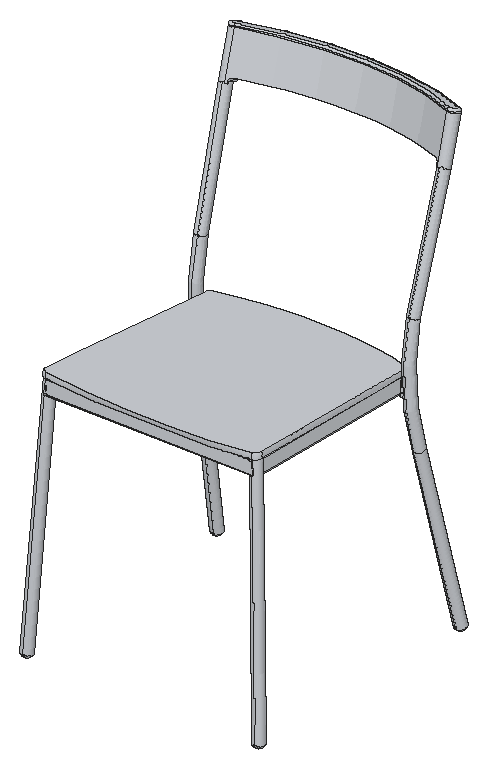
Revit family "Division_Twelve-Twigz-Cafe_Chair-", category Furniture, Revit 2020
Family settings
  OmniClass Number = 23.40.20.00
  OmniClass Title = General Furniture and Specialties
  Work Plane-Based = No
  Always vertical = Yes
  Cut with Voids When Loaded = No
  Shared = No
  Room Calculation Point = No
Parameters (values of type "115101A")
  Width = 17 21/32"
  URL = "https://division12.com/"
  Type Comments = "Twigz"  # constant formula
  Seat Finish [instance] = none
  S-2 = no
  S-1 = yes
  Support Finish [instance] = none
  Salvage or Reuse = yes
  S-3 = no
  Revit Model Built By = "https://servex-us.com/servex-revit/"
  Product Documentation Link = "https://division12.com/collection/twigz"
  Percentage of Recycled Content = 0
  Model = "115101A"
  Manufacturer = "Division Twelve"  # constant formula
  Low Emitting Material = yes
  Low Emitting Finish = yes
  Keynote = "12500"
  Height = 32"
  Glide Finish [instance] = none
  Back Finish [instance] = none
  Description = "Café chair with white oak seat"
  Depth = 19 1/2"
  Default Elevation = 0"
  Copyright = "© 2023 Division Twelve"  # constant formula
  Frame Finish [instance] = none
  Authoring Version = "Autodesk Revit 2020"  # constant formula
  Assembly Code = "E2020200"
Types (5): name | S-2 | S-1 | S-3 | Model | Description
  (no name) | no | yes | no | "115101A" | "Café chair with white oak seat"
  115101A | no | yes | no | "115101A" | "Café chair with white oak seat"
  115101B | yes | no | no | "115101B" | "Café chair with upholstered seat"
  115101C | no | no | yes | "115101C" | "Café chair with steel seat"
  115101F | no | yes | no | "115101F" | "Café chair with stained oak seat"
Reference planes (in)
  plane 1 "Center (Front/Back)": y = 0
  plane 2: z = 0
  plane 3 "Center (Left/Right)": x = 0
  plane 4: y = 9.7532
  plane 5: y = -9.7468
  plane 6: x = -8.82175
  plane 7: x = 8.82175
  plane 8: z = 32
Forms (in)
  Sweep 1, solid, material <- "Frame Finish"
    path origin (-7.06304, 2.29273, 28.79981) x (0.027945, 0.004927, 0.999597) y (0.173648, -0.984808, 0)
      loop
        arc (-28.49237, -5.8428) -> (-22.49654, -4.68176) -> (-16.58953, -3.13086) r 93.28003
        arc (-16.58953, -3.13086) -> (-12.61268, -2.50091) -> (-8.60957, -2.93373) r 15.25
        arc (-8.60957, -2.93373) -> (-4.40042, -4.0593) -> (-0.24274, -5.3622) r 102.80796
    profile origin (-8.50469, 6.79251, 6.31233) x (0.163101, -0.961295, -0.222058) y (0.984411, 0.173578, -0.028376)
      loop
        circle (0.375, 0.37294) r 0.375
  Sweep 2, solid, material <- "Frame Finish"
    path origin (7.06304, 2.29273, 28.79981) x (-0.027945, 0.004927, 0.999597) y (0.173648, 0.984808, 0)
      loop
        arc (-28.49237, 5.8428) -> (-22.49654, 4.68176) -> (-16.58953, 3.13086) r 93.28003
        arc (-16.58953, 3.13086) -> (-12.61268, 2.50091) -> (-8.60957, 2.93373) r 15.25
        arc (-8.60957, 2.93373) -> (-4.40042, 4.0593) -> (-0.24274, 5.3622) r 102.80796
    profile origin (8.50469, 6.79251, 6.31233) x (0.163101, 0.961295, 0.222058) y (-0.984411, 0.173578, -0.028376)
      loop
        circle (-0.375, 0.37294) r 0.375
  Revolve 3, solid, material <- "Frame Finish"
    sketch origin (-7.14436, -60, 17.26659) x (0.052125, 0, 0.998641) y (0, -1, 0)
      loop
        line (-17.0519, -50.63102) -> (0.06691, -51.52818) -> (0.08653, -51.15369) -> (-17.03227, -50.25653) -> (-17.0519, -50.63102)
      axis (-17.0519, -50.63102) -> (0.06691, -51.52818)
    angle from 0 to 360
  Revolve 4, solid, material <- "Frame Finish"
    sketch origin (7.14436, -60, 17.26659) x (-0.052125, 0, 0.998641) y (0, 1, 0)
      loop
        line (-17.0519, 50.63102) -> (-17.03227, 50.25653) -> (0.08653, 51.15369) -> (0.06691, 51.52818) -> (-17.0519, 50.63102)
      axis (-17.0519, 50.63102) -> (0.06691, 51.52818)
    angle from 0 to 360
  Sweep 5, solid, material <- "Support Finish"
    path origin (0, 6.37661, 16.11329) x (0, 0.975459, -0.220182) y (-1, 0, 0)
      loop
        arc (-1.72177, -7.37315) -> (0.11656, 0) -> (-1.72177, 7.37315) r 15.70521
    profile origin (0, 6.49031, 16.08762) x (0, -0.975459, 0.220182) y (0, 0.220182, 0.975459)
      loop
        line (0.04669, -0.06052) -> (0.00062, -0.93367)
        arc (0.00062, -0.93367) -> (0.01659, -0.9788) -> (0.05981, -0.99938) r 0.0625
        line (0.05981, -0.99938) -> (0.43434, -1.01867)
        arc (0.43434, -1.01867) -> (0.47939, -1.00269) -> (0.49997, -0.95955) r 0.0625
        line (0.49997, -0.95955) -> (0.5461, -0.08527)
        arc (0.5461, -0.08527) -> (0.53012, -0.04014) -> (0.4869, -0.01956) r 0.0625
        line (0.4869, -0.01956) -> (0.1135, -0.00033)
        arc (0.1135, -0.00033) -> (0.06764, -0.0166) -> (0.04669, -0.06052) r 0.06363
  Sweep 6, solid, material <- "Support Finish"
    path origin (0, -10.97429, 16.2458) x (0, -0.052336, -0.99863) y (-1, 0, 0)
      loop
        arc (-1.23976, 7.1407) -> (-0.93995, 0) -> (-1.23976, -7.1407) r 85.18749
    profile origin (0, -10.92509, 17.18446) x (0, -0.052336, -0.99863) y (0, 0.99863, -0.052336)
      loop
        arc (0.04135, 2.12222) -> (0.0599, 2.07745) -> (0.10467, 2.05891) r 0.06331
        line (0.10467, 2.05891) -> (0.979, 2.05891)
        arc (0.979, 2.05891) -> (1.0232, 2.07721) -> (1.0415, 2.12141) r 0.0625
        line (1.0415, 2.12141) -> (1.0415, 2.49641)
        arc (1.0415, 2.49641) -> (1.0232, 2.5406) -> (0.979, 2.55891) r 0.0625
        line (0.979, 2.55891) -> (0.10385, 2.55891)
        arc (0.10385, 2.55891) -> (0.05966, 2.5406) -> (0.04135, 2.49641) r 0.0625
        line (0.04135, 2.49641) -> (0.04135, 2.12222)
  Extrusion 7, solid, material <- "Support Finish"
    sketch origin (-0.16357, -12.07065, 32.78111) x (0.002785, 0.060524, 0.998163) y (-0.998943, 0.04597, 0)
      loop
        line (-15.25219, 7.50349) -> (-16.12024, 7.54832)
        arc (-16.12024, 7.54832) -> (-16.16525, 7.53238) -> (-16.18587, 7.4893) r 0.0625
        line (-16.18587, 7.4893) -> (-16.20727, 7.09645)
        arc (-16.20727, 7.09645) -> (-16.19134, 7.05126) -> (-16.14809, 7.03064) r 0.0625
        line (-16.14809, 7.03064) -> (-15.27355, 6.98547)
        arc (-15.27355, 6.98547) -> (-15.22816, 7.00176) -> (-15.20788, 7.04552) r 0.0625
        line (-15.20788, 7.04552) -> (-15.19296, 7.4387)
        arc (-15.19296, 7.4387) -> (-15.20928, 7.48325) -> (-15.25219, 7.50349) r 0.0625
    from -17.3726 to -4.17945
  Extrusion 8, solid, material <- "Back Finish"
    sketch origin (0, 10.59041, 32.59651) x (0, 0.965926, -0.258819) y (-1, 0, 0)
      loop
        arc (-1.84735, -7.75854) -> (0.30183, 0) -> (-1.84735, 7.75854) r 15.0788
        arc (-1.84735, 7.75854) -> (-2.36529, 7.888) -> (-2.49476, 7.37006) r 0.37751
        arc (-2.49476, 7.37006) -> (-0.4532, 0) -> (-2.49476, -7.37006) r 14.32377
        arc (-2.49476, -7.37006) -> (-2.36529, -7.888) -> (-1.84735, -7.75854) r 0.37751
    from -4.70522 to -1.5
  Sweep 9, solid, material <- "Back Finish"
    path origin (0, 9.38905, 31.95443) x (0, -0.965926, 0.258819) y (-1, 0, 0)
      loop
        arc (1.50051, 7.37006) -> (1.37105, 7.888) -> (0.8531, 7.75854) r 0.37751
        arc (0.8531, 7.75854) -> (-1.29607, 0) -> (0.8531, -7.75854) r 15.0788
        arc (0.8531, -7.75854) -> (1.37105, -7.888) -> (1.50051, -7.37006) r 0.37751
        arc (1.50051, -7.37006) -> (-0.54105, 0) -> (1.50051, 7.37006) r 14.32377
    profile origin (0, 9.91166, 31.8144) x (0, -0.965926, 0.258819) y (0, -0.258819, -0.965926)
      loop
        line (0, 0.56887) -> (-0.25, 0.56887) -> (-0.25, 0.38137) -> (-0.125, 0.38137)
        arc (-0.125, 0.38137) -> (-0.03661, 0.41798) -> (0, 0.50637) r 0.125
        line (0, 0.50637) -> (0, 0.56887)
  Extrusion 10, solid, material <- "Back Finish"
    sketch origin (0, 9.38905, 31.95443) x (0, -0.965926, 0.258819) y (-1, 0, 0)
      loop
        arc (1.39333, -7.43437) -> (-0.66605, 0) -> (1.39333, 7.43437) r 14.44877
        arc (1.39333, 7.43437) -> (1.30673, 7.78082) -> (0.96028, 7.69423) r 0.25251
        arc (0.96028, 7.69423) -> (-1.17107, 0) -> (0.96028, -7.69423) r 14.9538
        arc (0.96028, -7.69423) -> (1.30673, -7.78082) -> (1.39333, -7.43437) r 0.25251
    from 0.38137 to 0.56887
  Extrusion 11, void
    sketch origin (0, 3.13755, 31.8417) x (0, 0.258819, 0.965926) y (-1, 0, 0)
      loop
        line (-1.92062, 7.25551) -> (-2.46587, 7.23894) -> (-2.46587, -7.23894) -> (-1.92062, -7.25551)
        arc (-1.92062, -7.25551) -> (-1.73895, -7.18507) -> (-1.66302, -7.00563) r 0.25
        line (-1.66302, -7.00563) -> (-1.66302, 7.00563)
        arc (-1.66302, 7.00563) -> (-1.73895, 7.18507) -> (-1.92062, 7.25551) r 0.25
    from -7.58349 to -4.25
  Extrusion 12, solid, material <- "Support Finish"
    sketch origin (0.16357, -12.07065, 32.78111) x (-0.002785, 0.060524, 0.998163) y (-0.998943, -0.04597, 0)
      loop
        arc (-15.25219, -7.50349) -> (-15.20928, -7.48325) -> (-15.19296, -7.4387) r 0.0625
        line (-15.19296, -7.4387) -> (-15.20788, -7.04552)
        arc (-15.20788, -7.04552) -> (-15.22816, -7.00176) -> (-15.27355, -6.98547) r 0.0625
        line (-15.27355, -6.98547) -> (-16.14809, -7.03064)
        arc (-16.14809, -7.03064) -> (-16.19134, -7.05126) -> (-16.20727, -7.09645) r 0.0625
        line (-16.20727, -7.09645) -> (-16.18587, -7.4893)
        arc (-16.18587, -7.4893) -> (-16.16525, -7.53238) -> (-16.12024, -7.54832) r 0.0625
        line (-16.12024, -7.54832) -> (-15.25219, -7.50349)
    from -17.3726 to -4.17945
  Revolve 13, solid, material <- "Glide Finish"
    sketch origin (-8.4375, 0, 0) x (0, 1, 0) y (0, 0, 1)
      loop
        line (7.60242, 0.2721) -> (7.64569, 0.0052)
        arc (7.64569, 0.0052) -> (7.86173, 0.11586) -> (7.97212, 0.33204) r 0.39459
        line (7.97212, 0.33204) -> (7.60242, 0.2721)
      axis (7.60242, 0.2721) -> (7.64569, 0.0052)
    angle from 0 to 360
  Revolve 14, solid, material <- "Glide Finish"
    sketch origin (8.4375, 0, 0) x (0, 1, 0) y (0, 0, -1)
      loop
        line (7.60242, -0.2721) -> (7.97212, -0.33204)
        arc (7.97212, -0.33204) -> (7.86173, -0.11586) -> (7.64569, -0.0052) r 0.39459
        line (7.64569, -0.0052) -> (7.60242, -0.2721)
      axis (7.60242, -0.2721) -> (7.64569, -0.0052)
    angle from 0 to 360
  Revolve 15, solid, material <- "Glide Finish"
    sketch origin (8.03125, -1.7811, 0.76544) x (0, -0.994905, -0.100818) y (0, -0.100818, 0.994905)
      loop
        line (7.59834, 0.2573) -> (7.63919, 0.00541)
        arc (7.63919, 0.00541) -> (7.85428, 0.11089) -> (7.97424, 0.31825) r 0.41173
        line (7.97424, 0.31825) -> (7.59834, 0.2573)
      axis (7.59834, 0.2573) -> (7.63919, 0.00541)
    angle from 0 to 360
  Revolve 16, solid, material <- "Glide Finish"
    sketch origin (-8.03125, -1.7811, 0.76544) x (0, -0.994905, -0.100818) y (0, 0.100818, -0.994905)
      loop
        line (7.59834, -0.2573) -> (7.97424, -0.31825)
        arc (7.97424, -0.31825) -> (7.85428, -0.11089) -> (7.63919, -0.00541) r 0.41173
        line (7.63919, -0.00541) -> (7.59834, -0.2573)
      axis (7.59834, -0.2573) -> (7.63919, -0.00541)
    angle from 0 to 360
Cuts and joins
  Extrusion 11 cuts Extrusion 8
  joined: Extrusion 8, Sweep 9, Extrusion 10
Lines and regions (in)
  symbolic lines, style "Furniture"
    curve 1: spline (-8.29308, -9.09706, 2.69776) -> (-8.35755, -9.17711, 2.69776) -> (-8.3982, -9.27146, 2.69776) -> (-8.41206, -9.37324, 2.69776) -> (-8.39811, -9.475, 2.69776) -> (-8.35738, -9.56932, 2.69776) -> (-8.29285, -9.64931, 2.69776) -> (-8.20921, -9.70914, 2.69776) -> (-8.11258, -9.74443, 2.69776) -> (-8.01002, -9.75261, 2.69776) -> (-7.909, -9.73308, 2.69776) -> (-7.81691, -9.68727, 2.69776) -> (-7.74047, -9.61852, 2.69776)
    curve 4: spline (8.29308, -9.09706, 2.69776) -> (8.35755, -9.17711, 2.69776) -> (8.3982, -9.27146, 2.69776) -> (8.41206, -9.37324, 2.69776) -> (8.39811, -9.475, 2.69776) -> (8.35738, -9.56932, 2.69776) -> (8.29285, -9.64931, 2.69776) -> (8.20921, -9.70914, 2.69776) -> (8.11258, -9.74443, 2.69776) -> (8.01002, -9.75261, 2.69776) -> (7.909, -9.73308, 2.69776) -> (7.81691, -9.68727, 2.69776) -> (7.74047, -9.61852, 2.69776)
  symbolic lines
    curve 2: line (-8.29308, -9.09706, 2.69776) -> (-7.5192, -8.32318, 2.69776)
    curve 3: line (-7.74047, -9.61852, 2.69776) -> (-7.00897, -8.88702, 2.69776)
    curve 5: line (8.29308, -9.09706, 2.69776) -> (7.5192, -8.32318, 2.69776)
    curve 6: line (7.74047, -9.61852, 2.69776) -> (7.00897, -8.88702, 2.69776)
    curve 7: spline (-8.79633, 7.47748, 2.69776) -> (-8.81719, 7.57185, 2.69776) -> (-8.81263, 7.66856, 2.69776) -> (-8.78295, 7.76101, 2.69776) -> (-8.73018, 7.84291, 2.69776) -> (-8.65792, 7.90868, 2.69776) -> (-8.57108, 7.95382, 2.69776) -> (-8.47558, 7.97527, 2.69776) -> (-8.37794, 7.97157, 2.69776) -> (-8.28481, 7.94296, 2.69776) -> (-8.20253, 7.8914, 2.69776) -> (-8.13672, 7.8204, 2.69776) -> (-8.09185, 7.73479, 2.69776)
    curve 8: line (-8.09185, 7.73479, 2.69776) -> (-7.93689, 7.2918, 2.69776)
    curve 9: arc (-8.79633, 7.47748, 2.69776) -> (-8.33217, 6.05085, 2.69776) -> (-7.91921, 4.60857, 2.69776) r 42.04095
    curve 10: arc (-7.91921, 4.60857, 2.69776) -> (-7.86209, 4.4324, 2.69776) -> (-7.78681, 4.2632, 2.69776) r 1.7633
    curve 11: arc (-7.78681, 4.2632, 2.69776) -> (-7.76091, 4.21773, 2.69776) -> (-7.73089, 4.17486, 2.69776) r 0.56232
    curve 12: arc (-7.73089, 4.17486, 2.69776) -> (-7.68871, 4.1275, 2.69776) -> (-7.64031, 4.08651, 2.69776) r 0.45168
    curve 13: arc (-7.64031, 4.08651, 2.69776) -> (-7.28175, 4.03138, 2.69776) -> (-7.03084, 4.2934, 2.69776) r 0.39295
    curve 14: arc (-7.03084, 4.2934, 2.69776) -> (-7.00333, 4.42625, 2.69776) -> (-6.99729, 4.56179, 2.69776) r 0.85107
    curve 15: arc (-6.99729, 4.56179, 2.69776) -> (-7.01136, 4.90404, 2.69776) -> (-7.02943, 5.2461, 2.69776) r 29.26395
    curve 16: arc (-7.02943, 5.2461, 2.69776) -> (-7.09524, 6.19914, 2.69776) -> (-7.18066, 7.15062, 2.69776) r 46.36537
    curve 17: arc (-7.94189, 8.15317, 2.69776) -> (-7.926, 7.03253, 2.69776) -> (-7.82922, 5.91597, 2.69776) r 15.50626
    curve 18: arc (-7.82922, 5.91597, 2.69776) -> (-7.76583, 5.23073, 2.69776) -> (-7.74415, 4.54291, 2.69776) r 11.33169
    curve 19: arc (-7.77534, 8.43195, 2.69776) -> (-0.0337, 10.48241, 2.69776) -> (7.71663, 8.46506, 2.69776) r 15.76704
    curve 20: arc (-7.77534, 8.43195, 2.69776) -> (-7.89544, 8.31456, 2.69776) -> (-7.94189, 8.15317, 2.69776) r 0.32876
    curve 21: spline (8.79633, 7.47748, 2.69776) -> (8.81719, 7.57185, 2.69776) -> (8.81263, 7.66856, 2.69776) -> (8.78295, 7.76101, 2.69776) -> (8.73018, 7.84291, 2.69776) -> (8.65792, 7.90868, 2.69776) -> (8.57108, 7.95382, 2.69776) -> (8.47558, 7.97527, 2.69776) -> (8.37794, 7.97157, 2.69776) -> (8.28481, 7.94296, 2.69776) -> (8.20253, 7.8914, 2.69776) -> (8.13672, 7.8204, 2.69776) -> (8.09185, 7.73479, 2.69776)
    curve 22: line (8.09185, 7.73479, 2.69776) -> (7.93689, 7.2918, 2.69776)
    curve 23: arc (8.79633, 7.47748, 2.69776) -> (8.33217, 6.05085, 2.69776) -> (7.91921, 4.60857, 2.69776) r 42.04095
    curve 24: arc (7.91921, 4.60857, 2.69776) -> (7.86209, 4.4324, 2.69776) -> (7.78681, 4.2632, 2.69776) r 1.7633
    curve 25: arc (7.78681, 4.2632, 2.69776) -> (7.76091, 4.21773, 2.69776) -> (7.73089, 4.17486, 2.69776) r 0.56232
    curve 26: arc (7.73089, 4.17486, 2.69776) -> (7.68871, 4.1275, 2.69776) -> (7.64031, 4.08651, 2.69776) r 0.45168
    curve 27: arc (7.64031, 4.08651, 2.69776) -> (7.28175, 4.03138, 2.69776) -> (7.03084, 4.2934, 2.69776) r 0.39295
    curve 28: arc (7.03084, 4.2934, 2.69776) -> (7.00333, 4.42625, 2.69776) -> (6.99729, 4.56179, 2.69776) r 0.85107
    curve 29: arc (6.99729, 4.56179, 2.69776) -> (7.01136, 4.90404, 2.69776) -> (7.02943, 5.2461, 2.69776) r 29.26395
    curve 30: arc (7.02943, 5.2461, 2.69776) -> (7.09524, 6.19914, 2.69776) -> (7.18066, 7.15062, 2.69776) r 46.36537
    curve 31: arc (7.94189, 8.15317, 2.69776) -> (7.926, 7.03253, 2.69776) -> (7.82922, 5.91597, 2.69776) r 15.50626
    curve 32: arc (7.82922, 5.91597, 2.69776) -> (7.76583, 5.23073, 2.69776) -> (7.74415, 4.54291, 2.69776) r 11.33169
    curve 33: arc (7.77534, 8.43195, 2.69776) -> (7.89544, 8.31456, 2.69776) -> (7.94189, 8.15317, 2.69776) r 0.32876
    curve 34: arc (-7.18066, 7.15062, 2.69776) -> (0, 9.02917, 2.69776) -> (7.18066, 7.15062, 2.69776) r 14.66311
  symbolic lines, style "FurnitureHiddenLines", detail levels medium+fine
    curve 35: arc (-6.39794, 4.41184, 2.69776) -> (0, 5.78478, 2.69776) -> (6.39794, 4.41184, 2.69776) r 15.59372
    curve 36: line (-6.78116, -8.3579, 2.69776) -> (6.78116, -8.3579, 2.69776)
    curve 37: line (-6.97573, -8.14243, 2.69776) -> (-6.39794, 4.41184, 2.69776)
    curve 38: line (6.97573, -8.14243, 2.69776) -> (6.39794, 4.41184, 2.69776)
    curve 39: arc (-6.97573, -8.14243, 2.69776) -> (-6.86066, -8.2341, 2.69776) -> (-6.78116, -8.3579, 2.69776) r 0.45159
    curve 40: arc (6.78116, -8.3579, 2.69776) -> (6.85883, -8.23245, 2.69776) -> (6.97573, -8.14243, 2.69776) r 0.4118
Dimensions and locks (in)
  "Depth": plane 4 to plane 5
  equal spacing: plane 6, plane 3 "Center (Left/Right)", plane 7
  plane 6 to plane 7 = 17.64351"
  "Height": plane 8 to plane 2
  aligned and locked: level to plane 2
  aligned and locked: Extrusion 10 to Sweep 9
  aligned and locked: Sweep 9 to Extrusion 10
Automatic sketch dimensions
  Sweep 1 sketch curve to Sweep 1 sketch curve = 10.16075"
  Sweep 1 sketch curve to Sweep 1 sketch curve = 20.82159"
  Sweep 1 sketch curve to Sweep 1 sketch curve = 85.04621"
  Sweep 1 sketch curve to Sweep 1 sketch curve = 104.01376"
  Sweep 1 sketch curve to Sweep 1 sketch curve = 16.2563"
  Sweep 1 sketch curve to Sweep 1 sketch curve = 11.90284"
  Sweep 1 sketch curve to Sweep 1 sketch curve = 0"  (x2)
  Sweep 1 sketch curve to Sweep 1 sketch curve = 8.36682"
  Sweep 1 sketch curve to profile plane = 3/8"
  profile plane to Sweep 1 sketch curve = 0.37294"
  Sweep 2 sketch curve to Sweep 2 sketch curve = 10.16075"
  Sweep 2 sketch curve to Sweep 2 sketch curve = 20.82159"
  Sweep 2 sketch curve to Sweep 2 sketch curve = 104.01376"
  Sweep 2 sketch curve to Sweep 2 sketch curve = 85.04621"
  Sweep 2 sketch curve to Sweep 2 sketch curve = 16.2563"
  Sweep 2 sketch curve to Sweep 2 sketch curve = 11.90284"
  Sweep 2 sketch curve to Sweep 2 sketch curve = 0"  (x2)
  Sweep 2 sketch curve to Sweep 2 sketch curve = 8.36682"
  profile plane to Sweep 2 sketch curve = 3/8"
  profile plane to Sweep 2 sketch curve = 0.37294"
  plane 5 to Revolve 3 sketch curve = 0.37782"
  plane 5 to Revolve 3 sketch curve = 0.00333"
  Revolve 3 sketch curve to Revolve 3 sketch curve = 0.01963"
  plane 5 to Revolve 3 sketch curve = 1.27498"
  plane 5 to Revolve 3 sketch curve = 0.36126"
  Revolve 3 sketch curve to Revolve 3 sketch curve = 0.31586"
  plane 5 to Revolve 3 sketch curve = 1.35041"
  Revolve 3 sketch curve to Revolve 3 sketch curve = 1.43935"
  plane 5 to Revolve 4 sketch curve = 0.37782"
  plane 5 to Revolve 4 sketch curve = 0.00333"
  Revolve 4 sketch curve to Revolve 4 sketch curve = 0.01963"
  plane 5 to Revolve 4 sketch curve = 1.27498"
  plane 5 to Revolve 4 sketch curve = 0.36126"
  Revolve 4 sketch curve to Revolve 4 sketch curve = 0.31586"
  plane 5 to Revolve 4 sketch curve = 1.35041"
  Revolve 4 sketch curve to Revolve 4 sketch curve = 1.43935"
  Sweep 5 sketch curve to plane 3 "Center (Left/Right)" = 0"
  Sweep 5 sketch curve to plane 3 "Center (Left/Right)" = 7.37315"
  Sweep 5 sketch curve to Sweep 5 sketch curve = 13.86688"
  plane 3 "Center (Left/Right)" to Sweep 5 sketch curve = 7.37315"
  Sweep 5 sketch curve to profile plane = 0.00062"
  Sweep 5 sketch curve to profile plane = 0.04669"
  Sweep 5 sketch curve to profile plane = 0.05981"
  Sweep 5 sketch curve to Sweep 5 sketch curve = 0.00321"  (x3)
  Sweep 5 sketch curve to Sweep 5 sketch curve = 0.06354"  (x2)
  Sweep 5 sketch curve to profile plane = 0.00033"
  Sweep 5 sketch curve to Sweep 5 sketch curve = 0.00327"
  Sweep 5 sketch curve to Sweep 5 sketch curve = 0.37453"
  Sweep 5 sketch curve to profile plane = 0.08198"
  Sweep 5 sketch curve to Sweep 5 sketch curve = 0.37346"
  Sweep 5 sketch curve to profile plane = 0.01956"
  Sweep 5 sketch curve to Sweep 5 sketch curve = 0.06241"
  Sweep 5 sketch curve to profile plane = 0.08527"
  Sweep 5 sketch curve to profile plane = 0.93367"
  Sweep 5 sketch curve to Sweep 5 sketch curve = 0.00329"  (x2)
  Sweep 5 sketch curve to Sweep 5 sketch curve = 0.01929"
  Sweep 6 sketch curve to plane 3 "Center (Left/Right)" = 0"
  plane 3 "Center (Left/Right)" to Sweep 6 sketch curve = 7.1407"
  Sweep 6 sketch curve to Sweep 6 sketch curve = 84.88769"
  Sweep 6 sketch curve to plane 3 "Center (Left/Right)" = 7.1407"
  Sweep 6 sketch curve to profile plane = 0.04135"
  Sweep 6 sketch curve to Sweep 6 sketch curve = 1/16"  (x2)
  Sweep 6 sketch curve to Sweep 6 sketch curve = 0.06331"
  Sweep 6 sketch curve to Sweep 6 sketch curve = 0.87434"
  Sweep 6 sketch curve to Sweep 6 sketch curve = 0"
  profile plane to Sweep 6 sketch curve = 2.05891"
  Sweep 6 sketch curve to Sweep 6 sketch curve = 0.37419"
  Extrusion 7 sketch curve to Extrusion 7 sketch curve = 0.0214"
  Extrusion 7 sketch curve to Extrusion 7 sketch curve = 0.05918"
  Extrusion 7 sketch curve to Extrusion 7 sketch curve = 0.00322"  (x4)
  Extrusion 7 sketch curve to Extrusion 7 sketch curve = 0.06241"
  Extrusion 7 sketch curve to Extrusion 7 sketch curve = 0.87453"
  Extrusion 7 sketch curve to Extrusion 7 sketch curve = 0.01492"
  Extrusion 7 sketch curve to Extrusion 7 sketch curve = 0.06246"  (x2)
  Extrusion 7 sketch curve to Extrusion 7 sketch curve = 0.04516"
  Extrusion 7 sketch curve to Extrusion 7 sketch curve = 0.06005"
  Extrusion 7 sketch curve to Extrusion 7 sketch curve = 0.06242"
  Extrusion 7 sketch curve to Extrusion 7 sketch curve = 0.39319"
  Extrusion 7 sketch curve to Extrusion 7 sketch curve = 0.00237"
  Extrusion 7 sketch curve to Extrusion 7 sketch curve = 0.39285"
  Extrusion 7 sketch curve to Extrusion 7 sketch curve = 0.0034"
  Extrusion 8 sketch curve to Extrusion 8 sketch curve = 0"  (x5)
  Extrusion 8 sketch curve to plane 3 "Center (Left/Right)" = 0"
  Extrusion 8 sketch curve to Extrusion 8 sketch curve = 12.60592"  (x2)
  plane 3 "Center (Left/Right)" to Extrusion 8 sketch curve = 7.5643"
  Extrusion 8 sketch curve to plane 3 "Center (Left/Right)" = 7.5643"
  Extrusion 8 sketch curve to Extrusion 8 sketch curve = 0.32371"
  Sweep 9 sketch curve to Sweep 9 sketch curve = 0"  (x5)
  Sweep 9 sketch curve to plane 3 "Center (Left/Right)" = 0"
  plane 3 "Center (Left/Right)" to Sweep 9 sketch curve = 7.5643"
  Sweep 9 sketch curve to plane 3 "Center (Left/Right)" = 7.5643"
  Sweep 9 sketch curve to Sweep 9 sketch curve = 12.60592"
  Sweep 9 sketch curve to Sweep 9 sketch curve = 0.32371"  (x2)
  profile plane to Sweep 9 sketch curve = 0"
  Sweep 9 sketch curve to Sweep 9 sketch curve = 1/8"  (x2)
  profile plane to Sweep 9 sketch curve = 0.38137"
  Sweep 9 sketch curve to Sweep 9 sketch curve = 1/16"
  Extrusion 10 sketch curve to Extrusion 10 sketch curve = 0"  (x5)
  Extrusion 10 sketch curve to plane 3 "Center (Left/Right)" = 0"
  Extrusion 10 sketch curve to plane 3 "Center (Left/Right)" = 7.5643"
  plane 3 "Center (Left/Right)" to Extrusion 10 sketch curve = 7.5643"
  Extrusion 10 sketch curve to Extrusion 10 sketch curve = 12.60592"
  Extrusion 10 sketch curve to Extrusion 10 sketch curve = 0.21652"  (x2)
  Extrusion 11 sketch curve to plane 3 "Center (Left/Right)" = 7.23894"
  Extrusion 11 sketch curve to plane 3 "Center (Left/Right)" = 7.25551"
  Extrusion 11 sketch curve to Extrusion 11 sketch curve = 0.54525"  (x2)
  plane 3 "Center (Left/Right)" to Extrusion 11 sketch curve = 7.25551"
  Extrusion 11 sketch curve to Extrusion 11 sketch curve = 0.00759"  (x2)
  Extrusion 11 sketch curve to Extrusion 11 sketch curve = 1/4"
  Extrusion 11 sketch curve to Extrusion 11 sketch curve = 0.01657"
  Extrusion 12 sketch curve to Extrusion 12 sketch curve = 0.0214"
  Extrusion 12 sketch curve to Extrusion 12 sketch curve = 0.05918"
  Extrusion 12 sketch curve to Extrusion 12 sketch curve = 0.06241"  (x2)
  Extrusion 12 sketch curve to Extrusion 12 sketch curve = 0.00322"  (x3)
  Extrusion 12 sketch curve to Extrusion 12 sketch curve = 0.87453"
  Extrusion 12 sketch curve to Extrusion 12 sketch curve = 0.01492"
  Extrusion 12 sketch curve to Extrusion 12 sketch curve = 0.06246"  (x2)
  Extrusion 12 sketch curve to Extrusion 12 sketch curve = 0.04483"
  Extrusion 12 sketch curve to Extrusion 12 sketch curve = 0.05902"
  Extrusion 12 sketch curve to Extrusion 12 sketch curve = 0.06242"
  Extrusion 12 sketch curve to Extrusion 12 sketch curve = 0.39285"
  Extrusion 12 sketch curve to Extrusion 12 sketch curve = 0.0034"
  Extrusion 12 sketch curve to Extrusion 12 sketch curve = 0.39319"
  Extrusion 12 sketch curve to Extrusion 12 sketch curve = 0.00237"
  level to Revolve 13 sketch curve = 0.39471"
  plane 4 to Revolve 13 sketch curve = 2.17066"
  level to Revolve 13 sketch curve = 0.2721"
  Revolve 13 sketch curve to Revolve 13 sketch curve = 0.01988"
  level to Revolve 13 sketch curve = 0.0052"
  Revolve 13 sketch curve to Revolve 13 sketch curve = 0.04328"
  level to Revolve 13 sketch curve = 0.64572"
  Revolve 13 sketch curve to Revolve 13 sketch curve = 0.0407"
  Revolve 13 sketch curve to level = 0.64321"
  Revolve 13 sketch curve to Revolve 13 sketch curve = 0.10514"
  level to Revolve 14 sketch curve = 0.39471"
  plane 4 to Revolve 14 sketch curve = 2.17066"
  level to Revolve 14 sketch curve = 0.2721"
  Revolve 14 sketch curve to Revolve 14 sketch curve = 0.01988"
  level to Revolve 14 sketch curve = 0.0052"
  Revolve 14 sketch curve to Revolve 14 sketch curve = 0.04328"
  level to Revolve 14 sketch curve = 0.64572"
  Revolve 14 sketch curve to Revolve 14 sketch curve = 0.0407"
  Revolve 14 sketch curve to level = 0.64321"
  Revolve 14 sketch curve to Revolve 14 sketch curve = 0.10514"
  Revolve 15 sketch curve to plane 5 = 0"
  plane 5 to Revolve 15 sketch curve = 0.38947"
  level to Revolve 15 sketch curve = 0.41164"
  Revolve 15 sketch curve to Revolve 15 sketch curve = 0.02506"
  Revolve 15 sketch curve to Revolve 15 sketch curve = 0.04084"
  Revolve 15 sketch curve to Revolve 15 sketch curve = 0.3759"
  Revolve 15 sketch curve to Revolve 15 sketch curve = 0.03782"
  Revolve 15 sketch curve to Revolve 15 sketch curve = 0.10527"
  Revolve 15 sketch curve to Revolve 15 sketch curve = 0.64926"
  Revolve 15 sketch curve to Revolve 15 sketch curve = 0.23325"
  Revolve 16 sketch curve to plane 5 = 0"
  plane 5 to Revolve 16 sketch curve = 0.38947"
  level to Revolve 16 sketch curve = 0.41164"
  Revolve 16 sketch curve to Revolve 16 sketch curve = 0.02506"
  Revolve 16 sketch curve to Revolve 16 sketch curve = 0.04084"
  Revolve 16 sketch curve to Revolve 16 sketch curve = 0.3759"
  Revolve 16 sketch curve to Revolve 16 sketch curve = 0.03782"
  Revolve 16 sketch curve to Revolve 16 sketch curve = 0.10527"
  Revolve 16 sketch curve to Revolve 16 sketch curve = 0.23325"
  Revolve 16 sketch curve to Revolve 16 sketch curve = 0.64926"
  curve 19 to plane 3 "Center (Left/Right)" = 0"
  curve 35 to plane 3 "Center (Left/Right)" = 0"
  curve 34 to plane 3 "Center (Left/Right)" = 0"
  plane 4 to curve 24 = 4.68958"
  plane 3 "Center (Left/Right)" to curve 24 = 6.21563"
  curve 38 to curve 24 = 0.18231"
  plane 5 to curve 36 = 1.3889"
  plane 3 "Center (Left/Right)" to curve 36 = 6.78116"
  plane 5 to curve 38 = 1.60437"
  curve 38 to curve 36 = 0.19458"
  curve 40 to curve 38 = 0.18872"
  curve 25 to curve 38 = 0.88781"
  curve 26 to curve 25 = 0.08759"
  curve 27 to curve 26 = 0.03471"
  plane 4 to curve 17 = 1.9407"
  curve 17 to curve 24 = 1.34499"
  curve 33 to curve 17 = 0.05259"
  plane 5 to curve 6 = 0.12828"
  curve 6 to curve 40 = 0.57601"
  curve 28 to curve 27 = 0.43978"
  plane 4 to curve 22 = 2.01841"
  curve 22 to curve 17 = 0.53122"
  plane 5 to curve 5 = 0.64974"
  curve 5 to curve 4 = 0.55261"
  curve 32 to plane 1 "Center (Front/Back)" = 4.53002"
  curve 32 to curve 28 = 11.228"
  curve 29 to plane 1 "Center (Front/Back)" = 3.53112"
  curve 29 to curve 32 = 17.16725"
  plane 5 to curve 23 = 3.50607"
  curve 23 to curve 29 = 12.29305"
  curve 30 to curve 23 = 4.77898"
  plane 4 to curve 10 = 4.68958"
  curve 10 to plane 3 "Center (Left/Right)" = 6.21563"
  curve 10 to curve 37 = 0.18231"
  curve 36 to plane 3 "Center (Left/Right)" = 6.78116"
  plane 5 to curve 37 = 1.60437"
  curve 39 to curve 37 = 0.19458"
  curve 36 to curve 39 = 0.41466"
  curve 35 to curve 11 = 0.88781"
  curve 11 to curve 12 = 0.08759"
  curve 12 to curve 13 = 0.03471"
  plane 4 to curve 31 = 1.9407"
  curve 10 to curve 31 = 1.34499"
  curve 31 to curve 20 = 0.05259"
  plane 5 to curve 3 = 0.12828"
  curve 39 to curve 3 = 0.54465"
  curve 13 to curve 14 = 0.43978"
  plane 4 to curve 8 = 2.01841"
  curve 31 to curve 8 = 0.53122"
  plane 5 to curve 2 = 0.64974"
  curve 3 to curve 2 = 0.55261"
  curve 18 to plane 1 "Center (Front/Back)" = 4.53002"
  curve 14 to curve 18 = 11.228"
  curve 15 to plane 1 "Center (Front/Back)" = 3.53112"
  curve 18 to curve 15 = 17.16725"
  plane 5 to curve 9 = 3.50607"
  curve 15 to curve 9 = 12.29305"
  curve 9 to curve 16 = 4.77898"
  curve 20 to curve 31 = 0.33345"
  curve 33 to curve 17 = 0.33345"
  curve 24 to curve 28 = 0.5318"
  curve 10 to curve 14 = 0.5318"
  curve 14 to curve 11 = 0.01336"
  curve 28 to curve 25 = 0.01336"
  curve 11 to curve 12 = 0.06761"
  curve 25 to curve 26 = 0.06761"
  curve 10 to curve 37 = 0.65178"
  curve 12 to curve 13 = 0.04737"
  curve 26 to curve 27 = 0.04737"
  curve 16 to plane 1 "Center (Front/Back)" = 2.5289"
  curve 30 to plane 1 "Center (Front/Back)" = 2.5289"
  plane 5 to curve 19 = 4.46221"
  curve 19 to curve 34 = 0.34934"
  curve 35 to plane 5 = 0.06214"
  curve 25 to curve 29 = 0.28846"
  curve 28 to curve 29 = 0"
  plane 5 to curve 6 = 0.85978"
  curve 40 to curve 6 = 0.15548"
  curve 30 to curve 29 = 0"
  curve 27 to curve 28 = 0"
  curve 17 to curve 30 = 0.37996"
  plane 5 to curve 5 = 1.42362"
  curve 5 to curve 40 = 0.35474"
  curve 26 to curve 27 = 0"
  curve 4 to curve 4 = 0.09002"
  curve 19 to curve 33 = 0.10342"
  curve 25 to curve 26 = 0"
  curve 28 to curve 32 = 0.10368"
  curve 33 to curve 19 = 0.0587"
  curve 24 to curve 25 = 0"
  curve 31 to curve 29 = 0.79979"
  curve 32 to curve 31 = 0"
  curve 23 to curve 24 = 0"
  plane 4 to curve 22 = 2.4614"
  curve 33 to curve 31 = 0"
  plane 5 to curve 4 = 0.37372"
  curve 15 to curve 11 = 0.28846"
  curve 14 to curve 15 = 0"
  plane 5 to curve 3 = 0.85978"
  curve 3 to curve 39 = 0.18684"
  curve 16 to curve 15 = 0"
  curve 13 to curve 14 = 0"
  plane 5 to curve 2 = 1.42362"
  curve 39 to curve 2 = 0.32339"
  curve 12 to curve 13 = 0"
  curve 1 to curve 1 = 0.09002"
  curve 11 to curve 12 = 0"
  curve 18 to curve 14 = 0.10368"
  curve 20 to curve 19 = 0.16212"
  curve 20 to curve 19 = 0"
  curve 10 to curve 11 = 0"
  curve 15 to curve 17 = 0.79979"
  curve 18 to curve 17 = 0"
  curve 9 to curve 10 = 0"
  plane 4 to curve 8 = 2.4614"
  plane 5 to curve 1 = 0.37372"
  radius of Sweep 1 sketch curve = 3/8"
  radius of Sweep 2 sketch curve = 3/8"
Nested families (in)
  nested 1: "Seat-Four-Leg" at (0, 0, 0), Seat Finish <- "Seat Finish", Seat-1 <- "S-1", Seat-2 <- "S-2", Seat-3 <- "S-3", type "Seat"
    with Seat-3 no, Seat-2 no, Seat-1 yes, Seat Finish none
Definition of nested family "Seat-Four-Leg"
  Parameters (values of type "Seat")
    Seat-3 [instance] = no
    Seat-2 [instance] = no
    Seat Finish [instance] = none
    Seat-1 [instance] = yes
    Default Elevation = 0"
  Reference planes (in)
    plane 1 "Center (Front/Back)": y = 0
    plane 2: z = 0
    plane 3 "Center (Left/Right)": x = 0
    plane 4: through (0, -9.22821, 16.37573) normal (0, -0.0605, -0.9982)
    plane 5: through (0, -11.40676, 15.16328) normal (0, 0.9982, -0.0605)
  Forms (in)
    Sweep 1, solid, material <- "Seat Finish", visible <- "Seat-1"
      path origin (0, -11.40676, 15.16328) x (0, -0.060503, -0.998168) y (-1, 0, 0)
        loop
          arc (-2.81428, 7.78587) -> (-2.40624, 0) -> (-2.81428, -7.78587) r 74.4856
      profile origin (0, -11.26118, 17.56512) x (0, -0.060503, -0.998168) y (0, 0.998168, -0.060503)
        loop
          line (0, 2.15572) -> (0.375, 2.15572) -> (0.375, 18.15572) -> (0, 18.15572) -> (0, 2.15572)
    Sweep 2, void
      path origin (0, -9.22821, 16.37573) x (0, -0.998168, 0.060503) y (-1, 0, 0)
        loop
          line (-0.27785, -7.15258) -> (-0.27785, 7.15258)
          arc (-0.27785, 7.15258) -> (-0.39413, 7.42404) -> (-0.67087, 7.52715) r 0.375
          line (-0.67087, 7.52715) -> (-13.85694, 6.89273)
          arc (-13.85694, 6.89273) -> (-14.05022, 6.82797) -> (-14.18106, 6.67166) r 0.375
          arc (-14.18106, 6.67166) -> (-15.60896, 0.0565) -> (-14.22696, -6.5684) r 16.29911
          arc (-14.22696, -6.5684) -> (-14.03397, -6.80139) -> (-13.74728, -6.89801) r 0.55317
          line (-13.74728, -6.89801) -> (-0.67087, -7.52715)
          arc (-0.67087, -7.52715) -> (-0.39413, -7.42404) -> (-0.27785, -7.15258) r 0.375
      profile origin (0, -8.95088, 16.35891) x (0, 0.998168, -0.060503) y (0, -0.060503, -0.998168)
        loop
          spline (0.25, -1.66471) -> (0.1853, -1.64522) -> (0.125, -1.5881) -> (0.07322, -1.49722) -> (0.03349, -1.37879) -> (0.00852, -1.24088) -> (0, -1.09288) -> (0.00852, -0.94488) -> (0.03349, -0.80697) -> (0.07322, -0.68854) -> (0.125, -0.59767) -> (0.1853, -0.54054) -> (0.25, -0.52106)
          line (0.25, -0.52106) -> (-2.60425, -0.52106) -> (-2.60425, -1.66471) -> (0.25, -1.66471)
    Sweep 3, void
      path origin (0, -9.22821, 16.37573) x (0, -0.998168, 0.060503) y (-1, 0, 0)
        loop
          line (-0.27785, -6.75911) -> (-0.27785, 6.75911)
          arc (-0.27785, 6.75911) -> (-0.51042, 7.30203) -> (-1.06389, 7.50824) r 0.75
          line (-1.06389, 7.50824) -> (-13.62514, 6.90388)
          arc (-13.62514, 6.90388) -> (-14.01625, 6.77122) -> (-14.27784, 6.45162) r 0.75
          arc (-14.27784, 6.45162) -> (-15.60906, 0) -> (-14.27784, -6.45162) r 16.29911
          arc (-14.27784, -6.45162) -> (-14.01625, -6.77122) -> (-13.62514, -6.90388) r 0.75
          line (-13.62514, -6.90388) -> (-1.06389, -7.50824)
          arc (-1.06389, -7.50824) -> (-0.51042, -7.30203) -> (-0.27785, -6.75911) r 0.75
      profile origin (0, -8.95088, 16.35891) x (0, 0.998168, -0.060503) y (0, -0.060503, -0.998168)
        loop
          arc (0.5, -2.55593) -> (0.12912, -1.93516) -> (0, -1.22365) r 2.02498
          line (0, -1.22365) -> (0, -0.38931) -> (-2.12905, -0.38931) -> (-2.12905, -2.55593) -> (0.5, -2.55593)
    Sweep 4, solid, material <- "Seat Finish", visible <- "Seat-2"
      path origin (0, -11.40676, 15.16328) x (0, -0.060503, -0.998168) y (-1, 0, 0)
        loop
          arc (-2.81428, 7.78587) -> (-2.40624, 0) -> (-2.81428, -7.78587) r 74.4856
      profile origin (0, -11.26118, 17.56512) x (0, -0.060503, -0.998168) y (0, 0.998168, -0.060503)
        loop
          line (0.38233, 2) -> (0.38233, 17.88382) -> (-0.99267, 17.88382) -> (-0.99267, 2) -> (0.38233, 2)
    Sweep 5, solid, material <- "Seat Finish", visible <- "Seat-3"
      path origin (0, -11.40676, 15.16328) x (0, -0.060503, -0.998168) y (-1, 0, 0)
        loop
          arc (-2.81428, 7.78587) -> (-2.40624, 0) -> (-2.81428, -7.78587) r 74.4856
      profile origin (0, -11.26118, 17.56512) x (0, -0.060503, -0.998168) y (0, 0.998168, -0.060503)
        loop
          line (0.375, 2.15572) -> (0.375, 18.15572) -> (0.25, 18.15572) -> (0.25, 2.15572) -> (0.375, 2.15572)
  Cuts and joins
    Sweep 2 cuts Sweep 1
    Sweep 3 cuts Sweep 4
    Sweep 2 cuts Sweep 5
  Lines and regions (in)
    symbolic lines
      curve 1: line (-7.52744, -8.49396, 0) -> (-6.89267, 4.67205, 0)
      curve 2: line (7.52744, -8.49396, 0) -> (6.89267, 4.67205, 0)
      curve 3: line (-7.15287, -8.88702, 0) -> (7.15287, -8.88702, 0)
      curve 4: arc (-7.52744, -8.49396, 0) -> (-7.42434, -8.77072, 0) -> (-7.15287, -8.88702, 0) r 0.375
      curve 5: arc (7.15287, -8.88702, 0) -> (7.42434, -8.77072, 0) -> (7.52744, -8.49396, 0) r 0.375
      curve 6: arc (-6.67239, 4.99578, 0) -> (0, 6.43203, 0) -> (6.67239, 4.99578, 0) r 16.21716
      curve 7: arc (-6.89267, 4.67205, 0) -> (-6.82814, 4.86495, 0) -> (-6.67239, 4.99578, 0) r 0.375
      curve 8: arc (6.89267, 4.67205, 0) -> (6.82814, 4.86495, 0) -> (6.67239, 4.99578, 0) r 0.375
  Dimensions and locks (in)
    aligned and locked: plane 2 to level
